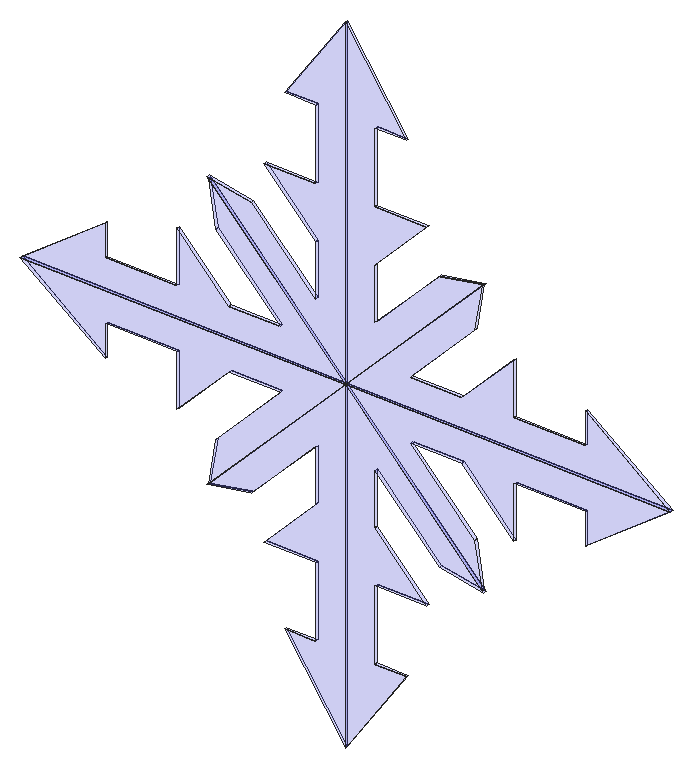
Revit family "MC_snowflake", category Modelli generici, host Superficie, Revit 2013
Parameters (values of type "basso_medio")
  raggio = 500 mm
  ampiezza = raggio / 11  # 45.455 mm
  altezza = 1000 mm
  Default Elevation = 1219.2 mm
Types (5, lengths in mm): name | raggio | ampiezza | altezza
  (no name) | 500 | 45.455 | 1000
  alto_grande | 700 | 63.636 | 3000
  alto_piccolo | 400 | 36.364 | 2500
  basso_medio | 500 | 45.455 | 1000
  basso_grande | 650 | 59.091 | 700
Reference planes
  plane 1 "Centro (Fronte/Retro)": y = 0
  plane 2: z = 0
  plane 3 "Centro (Sinistra/Destra)": x = 0
  plane 4: through (0, -4572, 1000) normal (0.7071, 0, 0.7071)
  plane 5: x = 0
  plane 6: through (0, -4572, 1000) normal (0.7071, 0, 0.7071)
  plane 7: z = 1000
  plane 8: through (0, -4572, 1000) normal (-0.7071, 0, 0.7071)
  plane 9: z = 1000
  plane 10: through (0, -4572, 1000) normal (-0.7071, 0, 0.7071)
  plane 11: x = 0
  plane 12: through (0, -4572, 1000) normal (-0.7071, 0, -0.7071)
  plane 13: x = 0
  plane 14: through (0, -4572, 1000) normal (-0.7071, 0, -0.7071)
  plane 15: z = 1000
  plane 16: through (0, -4572, 1000) normal (0.7071, 0, -0.7071)
  plane 17: z = 1000
  plane 18: through (0, -4572, 1000) normal (0.7071, 0, -0.7071)
  plane 19: x = 0
  plane 20: z = 1000
  plane 21: through (0, -4572, 1200) normal (0.7071, 0, 0.7071)
  plane 22: x = 0
  plane 23: through (0, -4572, 1200) normal (0.7071, 0, 0.7071)
  plane 24: z = 1200
  plane 25: through (0, -4572, 1200) normal (-0.7071, 0, 0.7071)
  plane 26: z = 1200
  plane 27: through (0, -4572, 1200) normal (-0.7071, 0, 0.7071)
  plane 28: x = 0
  plane 29: through (0, -4572, 1200) normal (-0.7071, 0, -0.7071)
  plane 30: x = 0
  plane 31: through (0, -4572, 1200) normal (-0.7071, 0, -0.7071)
  plane 32: z = 1200
  plane 33: through (0, -4572, 1200) normal (0.7071, 0, -0.7071)
  plane 34: z = 1200
  plane 35: through (0, -4572, 1200) normal (0.7071, 0, -0.7071)
  plane 36: x = 0
Forms (mm)
  Extrusion 1, solid, material "Vetro"
    sketch origin (0, 0, -200) x (1, 0, 0) y (0, 0, 1)
      loop
        line (0, 1200) -> (0, 700) -> (93.636, 831.076) -> (45.455, 831.076) -> (45.455, 939.258) -> (125.455, 939.258) -> (45.455, 1019.258) -> (45.455, 1098.51) -> (144.449, 999.515) -> (212.481, 987.519) -> (0, 1200)
    from 0 to 5
  Extrusion 2, solid, material "Vetro"
    sketch origin (1200, 0, 1000) x (0, 0, -1) y (1, 0, 0)
      loop
        line (0, -1200) -> (210.662, -989.338) -> (144.449, -1001.333) -> (45.455, -1100.328) -> (45.455, -1021.076) -> (125.455, -941.076) -> (45.455, -941.076) -> (45.455, -831.076) -> (93.636, -831.076) -> (0, -700) -> (0, -1200)
    from 0 to 5
  Extrusion 3, solid, material "Vetro"
    sketch origin (1200, 0, 1000) x (0, 0, 1) y (-1, 0, 0)
      loop
        line (0, 1200) -> (0, 700) -> (93.636, 831.076) -> (45.455, 831.076) -> (45.455, 941.076) -> (125.455, 941.076) -> (45.455, 1021.076) -> (45.455, 1100.328) -> (144.449, 1001.333) -> (210.662, 989.338) -> (0, 1200)
    from 0 to 5
  Extrusion 4, solid, material "Vetro"
    sketch origin (0, 0, 2200) x (1, 0, 0) y (0, 0, 1)
      loop
        line (0, -1200) -> (212.481, -987.519) -> (144.449, -999.515) -> (45.455, -1098.51) -> (45.455, -1019.258) -> (125.455, -939.258) -> (45.455, -939.258) -> (45.455, -831.076) -> (93.636, -831.076) -> (0, -700) -> (0, -1200)
    from 0 to 5
  Extrusion 5, solid, material "Vetro"
    sketch origin (0, 0, 2200) x (-1, 0, 0) y (0, 0, -1)
      loop
        line (0, 1200) -> (0, 700) -> (93.636, 831.076) -> (45.455, 831.076) -> (45.455, 939.258) -> (125.455, 939.258) -> (45.455, 1019.258) -> (45.455, 1098.51) -> (144.449, 999.515) -> (212.481, 987.519) -> (0, 1200)
    from 0 to 5
  Extrusion 6, solid, material "Vetro"
    sketch origin (-1200, 0, 1000) x (0, 0, 1) y (-1, 0, 0)
      loop
        line (0, -1200) -> (210.662, -989.338) -> (144.449, -1001.333) -> (45.455, -1100.328) -> (45.455, -1021.076) -> (125.455, -941.076) -> (45.455, -941.076) -> (45.455, -831.076) -> (93.636, -831.076) -> (0, -700) -> (0, -1200)
    from 0 to 5
  Extrusion 7, solid, material "Vetro"
    sketch origin (-1200, 0, 1000) x (0, 0, -1) y (1, 0, 0)
      loop
        line (0, 1200) -> (0, 700) -> (93.636, 831.076) -> (45.455, 831.076) -> (45.455, 941.076) -> (125.455, 941.076) -> (45.455, 1021.076) -> (45.455, 1100.328) -> (144.449, 1001.333) -> (210.662, 989.338) -> (0, 1200)
    from 0 to 5
  Extrusion 8, solid, material "Vetro"
    sketch origin (0, 0, -200) x (-1, 0, 0) y (0, 0, -1)
      loop
        line (0, -1200) -> (212.481, -987.519) -> (144.449, -999.515) -> (45.455, -1098.51) -> (45.455, -1019.258) -> (125.455, -939.258) -> (45.455, -939.258) -> (45.455, -831.076) -> (93.636, -831.076) -> (0, -700) -> (0, -1200)
    from 0 to 5
  Extrusion 9, solid, material "Vetro", not visible
    sketch origin (0, 0, 0) x (1, 0, 0) y (0, 0, 1)
      loop
        line (0, 1200) -> (0, 700) -> (93.636, 831.076) -> (45.455, 831.076) -> (45.455, 939.258) -> (125.455, 939.258) -> (45.455, 1019.258) -> (45.455, 1098.51) -> (144.449, 999.515) -> (212.481, 987.519) -> (0, 1200)
    from 0 to 5
  Extrusion 10, solid, material "Vetro", not visible
    sketch origin (1200, 0, 1200) x (0, 0, -1) y (1, 0, 0)
      loop
        line (0, -1200) -> (210.662, -989.338) -> (144.449, -1001.333) -> (45.455, -1100.328) -> (45.455, -1021.076) -> (125.455, -941.076) -> (45.455, -941.076) -> (45.455, -831.076) -> (93.636, -831.076) -> (0, -700) -> (0, -1200)
    from 0 to 5
  Extrusion 11, solid, material "Vetro", not visible
    sketch origin (1200, 0, 1200) x (0, 0, 1) y (-1, 0, 0)
      loop
        line (0, 1200) -> (0, 700) -> (93.636, 831.076) -> (45.455, 831.076) -> (45.455, 941.076) -> (125.455, 941.076) -> (45.455, 1021.076) -> (45.455, 1100.328) -> (144.449, 1001.333) -> (210.662, 989.338) -> (0, 1200)
    from 0 to 5
  Extrusion 12, solid, material "Vetro", not visible
    sketch origin (0, 0, 2400) x (1, 0, 0) y (0, 0, 1)
      loop
        line (0, -1200) -> (212.481, -987.519) -> (144.449, -999.515) -> (45.455, -1098.51) -> (45.455, -1019.258) -> (125.455, -939.258) -> (45.455, -939.258) -> (45.455, -831.076) -> (93.636, -831.076) -> (0, -700) -> (0, -1200)
    from 0 to 5
  Extrusion 13, solid, material "Vetro", not visible
    sketch origin (0, 0, 2400) x (-1, 0, 0) y (0, 0, -1)
      loop
        line (0, 1200) -> (0, 700) -> (93.636, 831.076) -> (45.455, 831.076) -> (45.455, 939.258) -> (125.455, 939.258) -> (45.455, 1019.258) -> (45.455, 1098.51) -> (144.449, 999.515) -> (212.481, 987.519) -> (0, 1200)
    from 0 to 5
  Extrusion 14, solid, material "Vetro", not visible
    sketch origin (-1200, 0, 1200) x (0, 0, 1) y (-1, 0, 0)
      loop
        line (0, -1200) -> (210.662, -989.338) -> (144.449, -1001.333) -> (45.455, -1100.328) -> (45.455, -1021.076) -> (125.455, -941.076) -> (45.455, -941.076) -> (45.455, -831.076) -> (93.636, -831.076) -> (0, -700) -> (0, -1200)
    from 0 to 5
  Extrusion 15, solid, material "Vetro", not visible
    sketch origin (-1200, 0, 1200) x (0, 0, -1) y (1, 0, 0)
      loop
        line (0, 1200) -> (0, 700) -> (93.636, 831.076) -> (45.455, 831.076) -> (45.455, 941.076) -> (125.455, 941.076) -> (45.455, 1021.076) -> (45.455, 1100.328) -> (144.449, 1001.333) -> (210.662, 989.338) -> (0, 1200)
    from 0 to 5
  Extrusion 16, solid, material "Vetro", not visible
    sketch origin (0, 0, 0) x (-1, 0, 0) y (0, 0, -1)
      loop
        line (0, -1200) -> (212.481, -987.519) -> (144.449, -999.515) -> (45.455, -1098.51) -> (45.455, -1019.258) -> (125.455, -939.258) -> (45.455, -939.258) -> (45.455, -831.076) -> (93.636, -831.076) -> (0, -700) -> (0, -1200)
    from 0 to 5
Dimensions and locks
  "raggio": Extrusion 1 sketch curve to Extrusion 1 sketch curve
  "ampiezza": Extrusion 1 sketch curve to Extrusion 1 sketch curve  (x2)
  "raggio": Extrusion 2 sketch curve to Extrusion 2 sketch curve
  "ampiezza": Extrusion 2 sketch curve to Extrusion 2 sketch curve  (x2)
  "raggio": Extrusion 3 sketch curve to Extrusion 3 sketch curve
  "ampiezza": Extrusion 3 sketch curve to Extrusion 3 sketch curve  (x2)
  "raggio": Extrusion 4 sketch curve to Extrusion 4 sketch curve
  "ampiezza": Extrusion 4 sketch curve to Extrusion 4 sketch curve  (x2)
  "raggio": Extrusion 5 sketch curve to Extrusion 5 sketch curve
  "ampiezza": Extrusion 5 sketch curve to Extrusion 5 sketch curve  (x2)
  "raggio": Extrusion 6 sketch curve to Extrusion 6 sketch curve
  "ampiezza": Extrusion 6 sketch curve to Extrusion 6 sketch curve  (x2)
  "raggio": Extrusion 7 sketch curve to Extrusion 7 sketch curve
  "ampiezza": Extrusion 7 sketch curve to Extrusion 7 sketch curve  (x2)
  "raggio": Extrusion 8 sketch curve to Extrusion 8 sketch curve
  "ampiezza": Extrusion 8 sketch curve to Extrusion 8 sketch curve  (x2)
  "altezza": plane 20 to host face
  "raggio": Extrusion 9 sketch curve to Extrusion 9 sketch curve
  "ampiezza": Extrusion 9 sketch curve to Extrusion 9 sketch curve  (x2)
  "raggio": Extrusion 10 sketch curve to Extrusion 10 sketch curve
  "ampiezza": Extrusion 10 sketch curve to Extrusion 10 sketch curve  (x2)
  "raggio": Extrusion 11 sketch curve to Extrusion 11 sketch curve
  "ampiezza": Extrusion 11 sketch curve to Extrusion 11 sketch curve  (x2)
  "raggio": Extrusion 12 sketch curve to Extrusion 12 sketch curve
  "ampiezza": Extrusion 12 sketch curve to Extrusion 12 sketch curve  (x2)
  "raggio": Extrusion 13 sketch curve to Extrusion 13 sketch curve
  "ampiezza": Extrusion 13 sketch curve to Extrusion 13 sketch curve  (x2)
  "raggio": Extrusion 14 sketch curve to Extrusion 14 sketch curve
  "ampiezza": Extrusion 14 sketch curve to Extrusion 14 sketch curve  (x2)
  "raggio": Extrusion 15 sketch curve to Extrusion 15 sketch curve
  "ampiezza": Extrusion 15 sketch curve to Extrusion 15 sketch curve  (x2)
  "raggio": Extrusion 16 sketch curve to Extrusion 16 sketch curve
  "ampiezza": Extrusion 16 sketch curve to Extrusion 16 sketch curve  (x2)
  aligned and locked: plane 2 to host face
  aligned and locked: level to host face
  aligned and locked: Extrusion 1 sketch curve to plane 4
  aligned and locked: Extrusion 1 sketch curve to plane 5
  aligned and locked: Extrusion 2 sketch curve to plane 6
  aligned and locked: plane 7 to Extrusion 2 sketch curve
  aligned and locked: Extrusion 3 sketch curve to plane 8
  aligned and locked: Extrusion 3 sketch curve to plane 9
  aligned and locked: Extrusion 4 sketch curve to plane 10
  aligned and locked: plane 11 to Extrusion 4 sketch curve
  aligned and locked: Extrusion 5 sketch curve to plane 12
  aligned and locked: Extrusion 5 sketch curve to plane 13
  aligned and locked: Extrusion 6 sketch curve to plane 14
  aligned and locked: plane 15 to Extrusion 6 sketch curve
  aligned and locked: Extrusion 7 sketch curve to plane 16
  aligned and locked: Extrusion 7 sketch curve to plane 17
  aligned and locked: Extrusion 8 sketch curve to plane 18
  aligned and locked: plane 19 to Extrusion 8 sketch curve
  aligned and locked: Extrusion 9 sketch curve to plane 21
  aligned and locked: Extrusion 9 sketch curve to plane 22
  aligned and locked: Extrusion 10 sketch curve to plane 23
  aligned and locked: plane 24 to Extrusion 10 sketch curve
  aligned and locked: Extrusion 11 sketch curve to plane 25
  aligned and locked: Extrusion 11 sketch curve to plane 26
  aligned and locked: Extrusion 12 sketch curve to plane 27
  aligned and locked: plane 28 to Extrusion 12 sketch curve
  aligned and locked: Extrusion 13 sketch curve to plane 29
  aligned and locked: Extrusion 13 sketch curve to plane 30
  aligned and locked: Extrusion 14 sketch curve to plane 31
  aligned and locked: plane 32 to Extrusion 14 sketch curve
  aligned and locked: Extrusion 15 sketch curve to plane 33
  aligned and locked: Extrusion 15 sketch curve to plane 34
  aligned and locked: Extrusion 16 sketch curve to plane 35
  aligned and locked: plane 36 to Extrusion 16 sketch curve
  aligned and locked: plane 20 to Extrusion 7
Automatic sketch dimensions
  host sketch curve to host sketch curve = 2438.4 mm  (x2)
  Extrusion 1 sketch curve to plane 4 = 194.657 mm
  Extrusion 1 sketch curve to Extrusion 1 sketch curve = 80 mm  (x2)
  Extrusion 1 sketch curve to Extrusion 1 sketch curve = 18.995 mm
  Extrusion 1 sketch curve to Extrusion 1 sketch curve = 68.031 mm
  Extrusion 1 sketch curve to Extrusion 1 sketch curve = 48.261 mm
  Extrusion 1 sketch curve to Extrusion 1 sketch curve = 60.257 mm
  Extrusion 1 sketch curve to Extrusion 1 sketch curve = 79.252 mm
  Extrusion 2 sketch curve to plane 7 = 93.636 mm
  plane 6 to Extrusion 2 sketch curve = 194.657 mm
  Extrusion 2 sketch curve to Extrusion 2 sketch curve = 80 mm  (x2)
  Extrusion 2 sketch curve to Extrusion 2 sketch curve = 18.995 mm
  Extrusion 2 sketch curve to Extrusion 2 sketch curve = 48.261 mm
  Extrusion 2 sketch curve to Extrusion 2 sketch curve = 11.996 mm
  Extrusion 2 sketch curve to Extrusion 2 sketch curve = 79.252 mm
  plane 9 to Extrusion 3 sketch curve = 93.636 mm
  Extrusion 3 sketch curve to plane 8 = 194.657 mm
  Extrusion 3 sketch curve to Extrusion 3 sketch curve = 80 mm  (x2)
  Extrusion 3 sketch curve to Extrusion 3 sketch curve = 18.995 mm
  Extrusion 3 sketch curve to Extrusion 3 sketch curve = 48.261 mm
  Extrusion 3 sketch curve to Extrusion 3 sketch curve = 11.996 mm
  Extrusion 3 sketch curve to Extrusion 3 sketch curve = 79.252 mm
  plane 10 to Extrusion 4 sketch curve = 194.657 mm
  Extrusion 4 sketch curve to Extrusion 4 sketch curve = 80 mm  (x2)
  Extrusion 4 sketch curve to Extrusion 4 sketch curve = 18.995 mm
  Extrusion 4 sketch curve to Extrusion 4 sketch curve = 68.031 mm
  Extrusion 4 sketch curve to Extrusion 4 sketch curve = 48.261 mm
  Extrusion 4 sketch curve to Extrusion 4 sketch curve = 60.257 mm
  Extrusion 4 sketch curve to Extrusion 4 sketch curve = 79.252 mm
  Extrusion 5 sketch curve to plane 12 = 194.657 mm
  Extrusion 5 sketch curve to Extrusion 5 sketch curve = 80 mm  (x2)
  Extrusion 5 sketch curve to Extrusion 5 sketch curve = 18.995 mm
  Extrusion 5 sketch curve to Extrusion 5 sketch curve = 68.031 mm
  Extrusion 5 sketch curve to Extrusion 5 sketch curve = 48.261 mm
  Extrusion 5 sketch curve to Extrusion 5 sketch curve = 60.257 mm
  Extrusion 5 sketch curve to Extrusion 5 sketch curve = 79.252 mm
  Extrusion 6 sketch curve to plane 15 = 93.636 mm
  plane 14 to Extrusion 6 sketch curve = 194.657 mm
  Extrusion 6 sketch curve to Extrusion 6 sketch curve = 80 mm  (x2)
  Extrusion 6 sketch curve to Extrusion 6 sketch curve = 18.995 mm
  Extrusion 6 sketch curve to Extrusion 6 sketch curve = 48.261 mm
  Extrusion 6 sketch curve to Extrusion 6 sketch curve = 11.996 mm
  Extrusion 6 sketch curve to Extrusion 6 sketch curve = 79.252 mm
  plane 17 to Extrusion 7 sketch curve = 93.636 mm
  Extrusion 7 sketch curve to plane 16 = 194.657 mm
  Extrusion 7 sketch curve to Extrusion 7 sketch curve = 80 mm  (x2)
  Extrusion 7 sketch curve to Extrusion 7 sketch curve = 18.995 mm
  Extrusion 7 sketch curve to Extrusion 7 sketch curve = 48.261 mm
  Extrusion 7 sketch curve to Extrusion 7 sketch curve = 11.996 mm
  Extrusion 7 sketch curve to Extrusion 7 sketch curve = 79.252 mm
  plane 18 to Extrusion 8 sketch curve = 194.657 mm
  Extrusion 8 sketch curve to Extrusion 8 sketch curve = 80 mm  (x2)
  Extrusion 8 sketch curve to Extrusion 8 sketch curve = 18.995 mm
  Extrusion 8 sketch curve to Extrusion 8 sketch curve = 68.031 mm
  Extrusion 8 sketch curve to Extrusion 8 sketch curve = 48.261 mm
  Extrusion 8 sketch curve to Extrusion 8 sketch curve = 60.257 mm
  Extrusion 8 sketch curve to Extrusion 8 sketch curve = 79.252 mm
  plane 5 to Extrusion 1 sketch curve = 93.636 mm
  Extrusion 2 sketch curve to plane 7 = 210.662 mm
  plane 9 to Extrusion 3 sketch curve = 210.662 mm
  Extrusion 4 sketch curve to plane 11 = 93.636 mm
  plane 13 to Extrusion 5 sketch curve = 93.636 mm
  Extrusion 6 sketch curve to plane 15 = 210.662 mm
  plane 17 to Extrusion 7 sketch curve = 210.662 mm
  Extrusion 8 sketch curve to plane 19 = 93.636 mm
  Extrusion 9 sketch curve to plane 21 = 194.657 mm
  Extrusion 9 sketch curve to Extrusion 9 sketch curve = 80 mm  (x2)
  Extrusion 9 sketch curve to Extrusion 9 sketch curve = 18.995 mm
  Extrusion 9 sketch curve to Extrusion 9 sketch curve = 68.031 mm
  Extrusion 9 sketch curve to Extrusion 9 sketch curve = 48.261 mm
  Extrusion 9 sketch curve to Extrusion 9 sketch curve = 60.257 mm
  Extrusion 9 sketch curve to Extrusion 9 sketch curve = 79.252 mm
  Extrusion 10 sketch curve to plane 24 = 93.636 mm
  plane 23 to Extrusion 10 sketch curve = 194.657 mm
  Extrusion 10 sketch curve to Extrusion 10 sketch curve = 80 mm  (x2)
  Extrusion 10 sketch curve to Extrusion 10 sketch curve = 18.995 mm
  Extrusion 10 sketch curve to Extrusion 10 sketch curve = 48.261 mm
  Extrusion 10 sketch curve to Extrusion 10 sketch curve = 11.996 mm
  Extrusion 10 sketch curve to Extrusion 10 sketch curve = 79.252 mm
  plane 26 to Extrusion 11 sketch curve = 93.636 mm
  Extrusion 11 sketch curve to plane 25 = 194.657 mm
  Extrusion 11 sketch curve to Extrusion 11 sketch curve = 80 mm  (x2)
  Extrusion 11 sketch curve to Extrusion 11 sketch curve = 18.995 mm
  Extrusion 11 sketch curve to Extrusion 11 sketch curve = 48.261 mm
  Extrusion 11 sketch curve to Extrusion 11 sketch curve = 11.996 mm
  Extrusion 11 sketch curve to Extrusion 11 sketch curve = 79.252 mm
  plane 27 to Extrusion 12 sketch curve = 194.657 mm
  Extrusion 12 sketch curve to Extrusion 12 sketch curve = 80 mm  (x2)
  Extrusion 12 sketch curve to Extrusion 12 sketch curve = 18.995 mm
  Extrusion 12 sketch curve to Extrusion 12 sketch curve = 68.031 mm
  Extrusion 12 sketch curve to Extrusion 12 sketch curve = 48.261 mm
  Extrusion 12 sketch curve to Extrusion 12 sketch curve = 60.257 mm
  Extrusion 12 sketch curve to Extrusion 12 sketch curve = 79.252 mm
  Extrusion 13 sketch curve to plane 29 = 194.657 mm
  Extrusion 13 sketch curve to Extrusion 13 sketch curve = 80 mm  (x2)
  Extrusion 13 sketch curve to Extrusion 13 sketch curve = 18.995 mm
  Extrusion 13 sketch curve to Extrusion 13 sketch curve = 68.031 mm
  Extrusion 13 sketch curve to Extrusion 13 sketch curve = 48.261 mm
  Extrusion 13 sketch curve to Extrusion 13 sketch curve = 60.257 mm
  Extrusion 13 sketch curve to Extrusion 13 sketch curve = 79.252 mm
  Extrusion 14 sketch curve to plane 32 = 93.636 mm
  plane 31 to Extrusion 14 sketch curve = 194.657 mm
  Extrusion 14 sketch curve to Extrusion 14 sketch curve = 80 mm  (x2)
  Extrusion 14 sketch curve to Extrusion 14 sketch curve = 18.995 mm
  Extrusion 14 sketch curve to Extrusion 14 sketch curve = 48.261 mm
  Extrusion 14 sketch curve to Extrusion 14 sketch curve = 11.996 mm
  Extrusion 14 sketch curve to Extrusion 14 sketch curve = 79.252 mm
  plane 34 to Extrusion 15 sketch curve = 93.636 mm
  Extrusion 15 sketch curve to plane 33 = 194.657 mm
  Extrusion 15 sketch curve to Extrusion 15 sketch curve = 80 mm  (x2)
  Extrusion 15 sketch curve to Extrusion 15 sketch curve = 18.995 mm
  Extrusion 15 sketch curve to Extrusion 15 sketch curve = 48.261 mm
  Extrusion 15 sketch curve to Extrusion 15 sketch curve = 11.996 mm
  Extrusion 15 sketch curve to Extrusion 15 sketch curve = 79.252 mm
  plane 35 to Extrusion 16 sketch curve = 194.657 mm
  Extrusion 16 sketch curve to Extrusion 16 sketch curve = 80 mm  (x2)
  Extrusion 16 sketch curve to Extrusion 16 sketch curve = 18.995 mm
  Extrusion 16 sketch curve to Extrusion 16 sketch curve = 68.031 mm
  Extrusion 16 sketch curve to Extrusion 16 sketch curve = 48.261 mm
  Extrusion 16 sketch curve to Extrusion 16 sketch curve = 60.257 mm
  Extrusion 16 sketch curve to Extrusion 16 sketch curve = 79.252 mm
  plane 22 to Extrusion 9 sketch curve = 93.636 mm
  Extrusion 10 sketch curve to plane 24 = 210.662 mm
  plane 26 to Extrusion 11 sketch curve = 210.662 mm
  Extrusion 12 sketch curve to plane 28 = 93.636 mm
  plane 30 to Extrusion 13 sketch curve = 93.636 mm
  Extrusion 14 sketch curve to plane 32 = 210.662 mm
  plane 34 to Extrusion 15 sketch curve = 210.662 mm
  Extrusion 16 sketch curve to plane 36 = 93.636 mm
